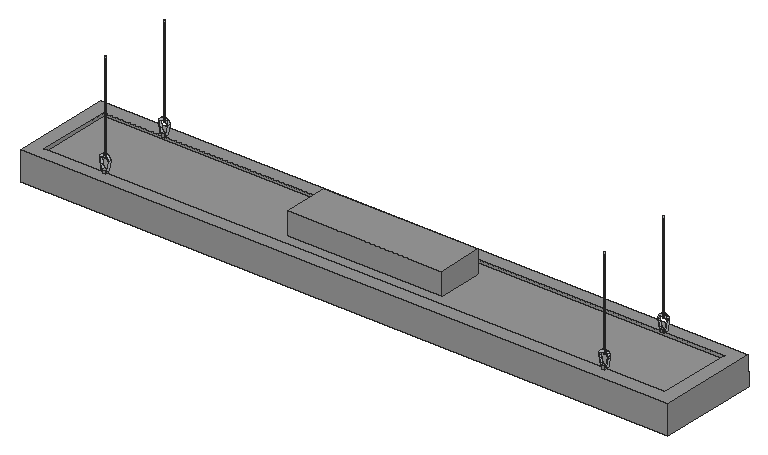
Revit family "HEFTY_4000K_7900LM_61W", category Lighting Fixtures, host Ceiling, Revit 2021
Family settings
  Host = Ceiling
  Round Connector Dimension = Use Diameter
  Part Type = Normal
  OmniClass Number = 23.80.70.11
  OmniClass Title = Luminaries for Internal Lighting
  Always vertical = Yes
  Cut with Voids When Loaded = No
  Light Source = Yes
  Shared = No
  Room Calculation Point = No
Parameters (values of type "Type 1")
  Wattage = 53.1836 W
  built-in parameter 1150110 = 1 (stored number, unit not read)
  Type de lampe = "LED Mid Power"
  Type = "Luminaire industriel"
  built-in parameter 1114217 = 1 (stored number, unit not read)
  Tilt Angle = 90.00°
  Tension = "AC 220-240V"
  built-in parameter 1150109 = 1 (stored number, unit not read)
  built-in parameter 1150134 = 12
  built-in parameter 1150113 = 1 (stored number, unit not read)
  SDCM = "<3"
  Puissance nominale = "61W"
  Poids = "6 kg"
  Photometric Web File = "google_eulumdat_converter (6).ies"
  Matériau = "Acier galvanisé blanc"
  Maintien du flux = "L80B10 (50 000 heures)"
  Lumens = 7900 lm
  built-in parameter 1150115 = 1 (stored number, unit not read)
  built-in parameter 1150105 = 628.66 (stored number, unit not read)
  built-in parameter 1150137 = (empty or 0)
  built-in parameter 1150139 = (empty or 0)
  built-in parameter 1150112 = 1 (stored number, unit not read)
  built-in parameter 1150114 = 1 (stored number, unit not read)
  built-in parameter 1150132 = 2
  built-in parameter 1150102 = (empty or 0)
  built-in parameter 1150138 = (empty or 0)
  built-in parameter 1150107 = 4000 (stored number, unit not read)
  built-in parameter 1150106 = 6.2866 (stored number, unit not read)
  IRC = ">80"
  Emit from Rectangle Width = 609.6 mm
  Emit from Rectangle Length = 1219.2 mm
  Emit Shape Visible in Rendering = no
  built-in parameter 1150104 = 13.8 (stored number, unit not read)
  Durée de vie = "50 000 heures"
  Driver = "Driver Osram"
  Dimming Lamp Color Temperature Shift = <None>
  Dimensions = "1220x190x90 mm"
  Diffuseur = "Polycarbonate  prismatique UGR<22"
  Default Elevation = 0 mm
  Color Filter = 16777215
  built-in parameter 1114218 = 1 (stored number, unit not read)
  built-in parameter 1150133 = 10 (stored number, unit not read)
  Angle d'éclairage = "35°"
Reference planes
  plane 1 "Light Source Axis (F/B)": y = 0
  plane 2: z = 0
  plane 3 "Light Source Axis (L/R)": x = 0
  plane 4 "Ceiling": z = 4000
  plane 5 "Light Source Elevation": z = 3750
Forms (mm)
  Extrusion 1, solid, material "Steel, Galvanized"
    sketch origin (0, 0, 4000) x (0, 1, 0) y (-1, 0, 0)
      loop
        line (95, 610) -> (-95, 610) -> (-95, -610) -> (95, -610) -> (95, 610)
      loop
        line (70, 585) -> (-70, 585) -> (-70, -585) -> (70, -585) -> (70, 585)
    from -250 to -196.102
  Extrusion 2, solid, material "Steel, Galvanized"
    sketch origin (0, 0, 4000) x (0, 1, 0) y (-1, 0, 0)
      loop
        line (70, 585) -> (-70, 585) -> (-70, -585) -> (70, -585) -> (70, 585)
    from -201.474 to -207.22
  Extrusion 3, solid, material "Steel, Galvanized"
    sketch origin (0, 0, 4000) x (0, 1, 0) y (-1, 0, 0)
      loop
        line (43.191, 147.964) -> (-41.809, 147.964) -> (-41.809, -142.036) -> (43.191, -142.036) -> (43.191, 147.964)
    from -207.22 to -160
  Extrusion 4, solid, material "Steel, Galvanized"
    sketch origin (195.234, -0.407, 4000) x (0, -1, 0) y (1, 0, 0)
      loop
        line (71.862, 277.481) -> (66.862, 277.481) -> (66.862, 272.481) -> (71.862, 272.481) -> (71.862, 277.481)
    from -196.102 to -190.59
  Extrusion 5, solid
    sketch origin (195.234, -0.407, 0) x (-1, 0, 0) y (0, 0, -1)
      loop
        line (-273.652, -3806.915) -> (-276.521, -3806.915) -> (-281.412, -3807.954) -> (-284.54, -3827.708)
        arc (-284.54, -3827.708) -> (-274.506, -3835.045) -> (-266.484, -3825.549) r 9.115
        line (-266.484, -3825.549) -> (-270.251, -3807.826) -> (-273.652, -3806.915)
      loop
        line (-274.011, -3807.991) -> (-276.306, -3807.991) -> (-279.848, -3808.744) -> (-282.81, -3827.45)
        arc (-282.81, -3827.45) -> (-274.423, -3831.527) -> (-267.537, -3825.237) r 8.303
        line (-267.537, -3825.237) -> (-271.034, -3808.788) -> (-274.011, -3807.991)
    from 67.418 to 71.074
  Extrusion 6, solid, material "Glass, White, High Luminance"
    sketch origin (0, 0, 4000) x (0, 1, 0) y (-1, 0, 0)
      loop
        line (70, 585) -> (-70, 585) -> (-70, -585) -> (70, -585) -> (70, 585)
    from -250 to -245.079
  Extrusion 7, solid
    sketch origin (195.234, -0.407, 4000) x (0, -1, 0) y (1, 0, 0)
      loop
        circle (68.947, 275) r 1.348
    from -170.446 to 0
  Extrusion 8, solid, material "Steel, Galvanized"
    sketch origin (195.234, 0.407, 4000) x (0, -1, 0) y (1, 0, 0)
      loop
        line (-71.862, 277.481) -> (-71.862, 272.481) -> (-66.862, 272.481) -> (-66.862, 277.481) -> (-71.862, 277.481)
    from -196.102 to -190.59
  Extrusion 9, solid
    sketch origin (195.234, 0.407, 0) x (-1, 0, 0) y (0, 0, 1)
      loop
        line (-273.652, 3806.915) -> (-270.251, 3807.826) -> (-266.484, 3825.549)
        arc (-266.484, 3825.549) -> (-274.506, 3835.045) -> (-284.54, 3827.708) r 9.115
        line (-284.54, 3827.708) -> (-281.412, 3807.954) -> (-276.521, 3806.915) -> (-273.652, 3806.915)
      loop
        line (-274.011, 3807.991) -> (-271.034, 3808.788) -> (-267.537, 3825.237)
        arc (-267.537, 3825.237) -> (-274.423, 3831.527) -> (-282.81, 3827.45) r 8.303
        line (-282.81, 3827.45) -> (-279.848, 3808.744) -> (-276.306, 3807.991) -> (-274.011, 3807.991)
    from 67.418 to 71.074
  Extrusion 10, solid
    sketch origin (195.234, 0.407, 4000) x (0, -1, 0) y (1, 0, 0)
      loop
        circle (-68.947, 275) r 1.348
    from -170.446 to 0
  Extrusion 11, solid, material "Steel, Galvanized"
    sketch origin (-195.234, 0.407, 4000) x (0, 1, 0) y (-1, 0, 0)
      loop
        line (71.862, 277.481) -> (66.862, 277.481) -> (66.862, 272.481) -> (71.862, 272.481) -> (71.862, 277.481)
    from -196.102 to -190.59
  Extrusion 12, solid
    sketch origin (-195.234, 0.407, 0) x (1, 0, 0) y (0, 0, -1)
      loop
        line (-273.652, -3806.915) -> (-276.521, -3806.915) -> (-281.412, -3807.954) -> (-284.54, -3827.708)
        arc (-284.54, -3827.708) -> (-274.506, -3835.045) -> (-266.484, -3825.549) r 9.115
        line (-266.484, -3825.549) -> (-270.251, -3807.826) -> (-273.652, -3806.915)
      loop
        line (-274.011, -3807.991) -> (-276.306, -3807.991) -> (-279.848, -3808.744) -> (-282.81, -3827.45)
        arc (-282.81, -3827.45) -> (-274.423, -3831.527) -> (-267.537, -3825.237) r 8.303
        line (-267.537, -3825.237) -> (-271.034, -3808.788) -> (-274.011, -3807.991)
    from 67.418 to 71.074
  Extrusion 13, solid
    sketch origin (-195.234, 0.407, 4000) x (0, 1, 0) y (-1, 0, 0)
      loop
        circle (68.947, 275) r 1.348
    from -170.446 to 0
  Extrusion 14, solid, material "Steel, Galvanized"
    sketch origin (-195.234, -0.407, 4000) x (0, 1, 0) y (-1, 0, 0)
      loop
        line (-71.862, 277.481) -> (-71.862, 272.481) -> (-66.862, 272.481) -> (-66.862, 277.481) -> (-71.862, 277.481)
    from -196.102 to -190.59
  Extrusion 15, solid
    sketch origin (-195.234, -0.407, 0) x (1, 0, 0) y (0, 0, 1)
      loop
        line (-273.652, 3806.915) -> (-270.251, 3807.826) -> (-266.484, 3825.549)
        arc (-266.484, 3825.549) -> (-274.506, 3835.045) -> (-284.54, 3827.708) r 9.115
        line (-284.54, 3827.708) -> (-281.412, 3807.954) -> (-276.521, 3806.915) -> (-273.652, 3806.915)
      loop
        line (-274.011, 3807.991) -> (-271.034, 3808.788) -> (-267.537, 3825.237)
        arc (-267.537, 3825.237) -> (-274.423, 3831.527) -> (-282.81, 3827.45) r 8.303
        line (-282.81, 3827.45) -> (-279.848, 3808.744) -> (-276.306, 3807.991) -> (-274.011, 3807.991)
    from 67.418 to 71.074
  Extrusion 16, solid
    sketch origin (-195.234, -0.407, 4000) x (0, 1, 0) y (-1, 0, 0)
      loop
        circle (-68.947, 275) r 1.348
    from -170.446 to 0
Lines and regions (mm)
  reference lines
    curve 1: line (0, 0, 4000) -> (325, 0, 4000)
    curve 2: line (0, 0, 4000) -> (-325, 0, 4000)
    curve 3: line (-325, 0, 4000) -> (-325, 95, 4000)
    curve 4: line (-325, 95, 4000) -> (325, 95, 4000)
    curve 5: line (325, 95, 4000) -> (325, -95, 4000)
    curve 6: line (325, -95, 4000) -> (-325, -95, 4000)
    curve 7: line (-325, -95, 4000) -> (-325, 0, 4000)
    curve 8: line (0, 0, 4000) -> (225, 0, 4000)
    curve 9: line (225, 0, 4000) -> (225, -70, 4000)
    curve 10: line (225, -70, 4000) -> (-275, -70, 4000)
    curve 11: line (-275, 70, 4000) -> (225, 70, 4000)
    curve 12: line (-325, 0, 4000) -> (-300, 0, 4000)
    curve 13: line (-300, 0, 4000) -> (-300, 5, 4000)
    curve 14: line (325, 0, 4000) -> (300, 0, 4000)
    curve 15: line (0, 0, 3750) -> (0, 0, 3840)
    curve 16: line (0, 0, 4000) -> (610, 0, 4000)
    curve 17: line (610, 0, 4000) -> (610, 25, 4000)
    curve 18: line (0, 0, 4000) -> (-610, 0, 4000)
    curve 19: line (0, -70, 4000) -> (470, -70, 4000)
    curve 20: line (470, -70, 4000) -> (470, -55, 4000)
Dimensions and locks
  equal spacing: host sketch curve, plane 3 "Light Source Axis (L/R)", host sketch curve
  equal spacing: host sketch curve, plane 1 "Light Source Axis (F/B)", host sketch curve
  host sketch curve to host sketch curve = 4000 mm  (x2)
  plane 4 "Ceiling" to host ceiling = 0 mm
  aligned and locked: plane 3 "Light Source Axis (L/R)" to imposter light
  aligned and locked: plane 1 "Light Source Axis (F/B)" to imposter light
  aligned and locked: plane 5 "Light Source Elevation" to imposter light
